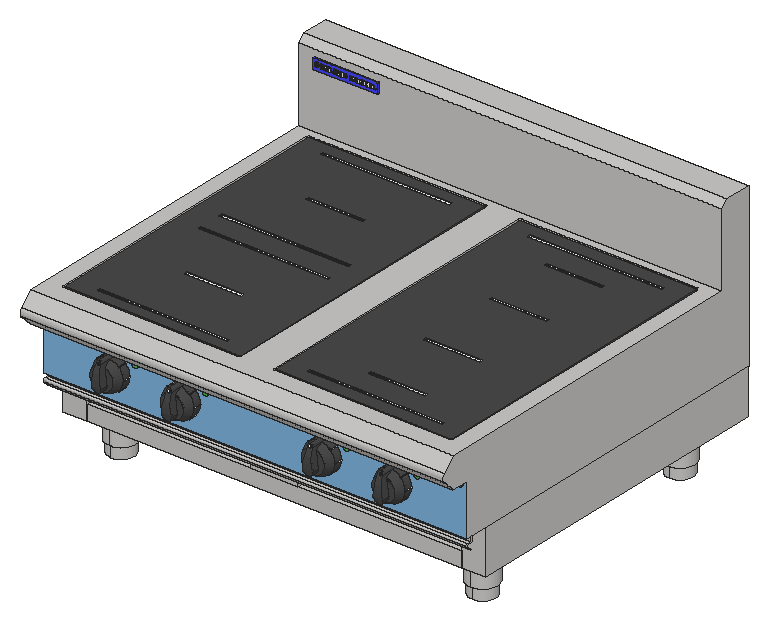
Revit family "QF_Moffat_IN514R3F-B_Induction_Cooktop_cat", category Specialty Equipment, Revit 2019 (continued)
Definition of nested family "QF_LOGO_BLue Seal"
  Automatic sketch dimensions
    Extrusion 2 sketch curve to Extrusion 2 sketch curve = 0.772 mm  (x2)
    Extrusion 2 sketch curve to Extrusion 2 sketch curve = 1.539 mm
    Extrusion 2 sketch curve to Extrusion 2 sketch curve = 0.961 mm
    Extrusion 2 sketch curve to Extrusion 2 sketch curve = 1.28 mm  (x2)
    Extrusion 2 sketch curve to Extrusion 2 sketch curve = 1.878 mm
    Extrusion 2 sketch curve to Extrusion 2 sketch curve = 2.905 mm
    Extrusion 2 sketch curve to Extrusion 2 sketch curve = 3.969 mm
    Extrusion 2 sketch curve to Extrusion 2 sketch curve = 0.84 mm  (x2)
    Extrusion 2 sketch curve to Extrusion 2 sketch curve = 2.448 mm
    Extrusion 2 sketch curve to Extrusion 2 sketch curve = 2.202 mm
    Extrusion 2 sketch curve to Extrusion 2 sketch curve = 2.222 mm
    Extrusion 2 sketch curve to Extrusion 2 sketch curve = 1.332 mm
    Extrusion 2 sketch curve to Extrusion 2 sketch curve = 1.12 mm  (x2)
    Extrusion 2 sketch curve to Extrusion 2 sketch curve = 0.929 mm
    Extrusion 2 sketch curve to Extrusion 2 sketch curve = 1.051 mm  (x2)
    Extrusion 2 sketch curve to Extrusion 2 sketch curve = 5.129 mm  (x2)
    Extrusion 2 sketch curve to Extrusion 2 sketch curve = 4.147 mm
    Extrusion 2 sketch curve to Extrusion 2 sketch curve = 0.516 mm
    plane 3 "LEFT" to Extrusion 2 sketch curve = 3.555 mm
    plane 3 "LEFT" to Extrusion 3 sketch curve = 8.107 mm
    Extrusion 3 sketch curve to Extrusion 3 sketch curve = 0.182 mm
    level to Extrusion 3 sketch curve = 7.231 mm
    Extrusion 3 sketch curve to Extrusion 3 sketch curve = 3.969 mm
    Extrusion 4 sketch curve to plane 3 "LEFT" = 8.107 mm
    Extrusion 4 sketch curve to Extrusion 4 sketch curve = 0.088 mm
    Extrusion 4 sketch curve to level = 7.227 mm
    Extrusion 4 sketch curve to Extrusion 4 sketch curve = 3.972 mm
Definition of nested family "Knob"
  Parameters (values of type "Knob")
    Weight in Pounds = 0
    URL Cutsheet = ""
    Specification by User = ""
    Specification by Manufacturer = ""
    Serial Number = ""
    Seismic Rating = ""
    SMACNA No = ""
    Revision Code = ""
    NAFEM Spec ID Number = ""
    Masterspec = ""
    Length = 65 mm
    Item Number = ""
    Installed By = ""
    Identify Quantity as Lot = yes
    Height = 69.5 mm
    Furnished By = ""
    Foodservice Equipment Identifier = yes
    Depth = 59 mm
    CSI MasterFormat = ""
  Reference planes
    plane 1 "BACK": y = 0
    plane 2: z = 0
    plane 3 "LEFT": x = 0
    plane 4 "RIGHT": x = 65
    plane 5 "FRONT": y = -59
    plane 6 "TOP": z = 69.5
    plane 7 "Center Y": x = 32.5
    plane 8 "Center X": y = -29.5
  Forms (mm)
    Revolve 1, solid
      sketch origin (32.5, 175.397, 1219.2) x (0, 1, 0) y (0, 0, 1)
        loop
          line (-175.397, -1186.7) -> (-219.397, -1186.7) -> (-219.397, -1211.501) -> (-202.106, -1219.2) -> (-185.397, -1219.2) -> (-185.397, -1191.7) -> (-175.397, -1191.7) -> (-175.397, -1186.7)
        axis (-219.397, -1186.7) -> (-175.397, -1186.7)
      angle from 0 to 360
    Extrusion 2, solid
      sketch origin (32.5, 175.397, 1219.2) x (0, 1, 0) y (0, 0, 1)
        loop
          line (-202.106, -1154.2) -> (-185.397, -1154.2) -> (-185.397, -1149.7) -> (-224.105, -1149.7)
          arc (-224.105, -1149.7) -> (-233.965, -1178.467) -> (-230.696, -1208.7) r 70
          line (-230.696, -1208.7) -> (-219.397, -1208.7) -> (-219.397, -1161.899) -> (-202.106, -1154.2)
      from -15 to 15
    Extrusion 3, void
      sketch origin (0, 0, 0) x (1, 0, 0) y (0, 0, 1)
        loop
          line (27.501, 64.613) -> (22.02, 20.585)
          arc (22.02, 20.585) -> (32.792, 10.488) -> (42.986, 21.169) r 10.487
          line (42.986, 21.169) -> (37.499, 64.613)
          arc (37.499, 64.613) -> (32.5, 69.5) -> (27.501, 64.613) r 5
        loop
          line (10, 72.977) -> (10, 5.625) -> (55, 5.625) -> (55, 72.977) -> (10, 72.977)
      from 6.142 to 69.687
    Extrusion 4, solid
      sketch origin (0, -34.115, -16.916) x (1, 0, 0) y (0, 0.45399, 0.891007)
        loop
          circle (32.497, 65) r 2
      from 51.525 to 53.075
    Extrusion 5, solid
      sketch origin (32.5, -10, 32.5) x (0, 0, -1) y (-1, 0, 0)
        loop
          line (-23.54, -22.408) -> (-24.106, -22.974)
          arc (-24.106, -22.974) -> (-23.547, -23.547) -> (-22.974, -24.106) r 33.3
          line (-22.974, -24.106) -> (-22.408, -23.54)
          arc (-22.408, -23.54) -> (-22.981, -22.981) -> (-23.54, -22.408) r 32.5
        loop
          arc (-0.8, -33.29) -> (0, -33.3) -> (0.8, -33.29) r 33.3
          line (0.8, -33.29) -> (0.8, -32.49)
          arc (0.8, -32.49) -> (0, -32.5) -> (-0.8, -32.49) r 32.5
          line (-0.8, -32.49) -> (-0.8, -33.29)
        loop
          arc (23.54, -22.408) -> (22.981, -22.981) -> (22.408, -23.54) r 32.5
          line (22.408, -23.54) -> (22.974, -24.106)
          arc (22.974, -24.106) -> (23.547, -23.547) -> (24.106, -22.974) r 33.3
          line (24.106, -22.974) -> (23.54, -22.408)
        loop
          arc (-23.54, 22.408) -> (-22.981, 22.981) -> (-22.408, 23.54) r 32.5
          line (-22.408, 23.54) -> (-22.974, 24.106)
          arc (-22.974, 24.106) -> (-23.547, 23.547) -> (-24.106, 22.974) r 33.3
          line (-24.106, 22.974) -> (-23.54, 22.408)
        loop
          line (-0.8, 33.29) -> (-0.8, 32.49)
          arc (-0.8, 32.49) -> (0, 32.5) -> (0.8, 32.49) r 32.5
          line (0.8, 32.49) -> (0.8, 33.29)
          arc (0.8, 33.29) -> (0, 33.3) -> (-0.8, 33.29) r 33.3
        loop
          line (32.49, -0.8) -> (33.29, -0.8)
          arc (33.29, -0.8) -> (33.3, 0) -> (33.29, 0.8) r 33.3
          line (33.29, 0.8) -> (32.49, 0.8)
          arc (32.49, 0.8) -> (32.5, 0) -> (32.49, -0.8) r 32.5
        loop
          arc (24.106, 22.974) -> (23.547, 23.547) -> (22.974, 24.106) r 33.3
          line (22.974, 24.106) -> (22.408, 23.54)
          arc (22.408, 23.54) -> (22.981, 22.981) -> (23.54, 22.408) r 32.5
          line (23.54, 22.408) -> (24.106, 22.974)
      from 0 to -16.709
  Cuts and joins
    Extrusion 3 cuts Extrusion 2
  Dimensions and locks
    equal spacing: plane 3 "LEFT", plane 7 "Center Y", plane 4 "RIGHT"
    "Length": plane 3 "LEFT" to plane 4 "RIGHT"
    equal spacing: plane 5 "FRONT", plane 8 "Center X", plane 1 "BACK"
    "Depth": plane 5 "FRONT" to plane 1 "BACK"
    "Height": plane 6 "TOP" to level
    plane 4 "RIGHT" to plane 3 "LEFT" = 65 mm
    aligned and locked: level to plane 2
  Automatic sketch dimensions
    Revolve 1 sketch curve to level = 0 mm
    Revolve 1 sketch curve to plane 1 "BACK" = 0 mm  (x2)
    plane 1 "BACK" to Revolve 1 sketch curve = 10 mm
    plane 8 "Center X" to Revolve 1 sketch curve = 2.791 mm
    Revolve 1 sketch curve to plane 8 "Center X" = 14.5 mm
    level to Revolve 1 sketch curve = 7.699 mm
    level to Revolve 1 sketch curve = 27.5 mm
    Revolve 1 sketch curve to Revolve 1 sketch curve = 5 mm
    Revolve 1 sketch curve to Revolve 1 sketch curve = 35 mm
    Revolve 1 sketch curve to Revolve 1 sketch curve = 0 mm
    Extrusion 2 sketch curve to plane 6 "TOP" = 0 mm
    Extrusion 2 sketch curve to plane 5 "FRONT" = 3.702 mm
    Extrusion 2 sketch curve to plane 5 "FRONT" = 10.293 mm
    Extrusion 2 sketch curve to Extrusion 2 sketch curve = 11.298 mm
    plane 8 "Center X" to Extrusion 2 sketch curve = 2.791 mm
    plane 1 "BACK" to Extrusion 2 sketch curve = 10 mm
    Extrusion 2 sketch curve to plane 1 "BACK" = 11 mm
    Extrusion 2 sketch curve to plane 6 "TOP" = 4.5 mm
    Extrusion 2 sketch curve to plane 6 "TOP" = 12.199 mm
    level to Extrusion 2 sketch curve = 32.962 mm
    level to Extrusion 3 sketch curve = 5.625 mm
    Extrusion 3 sketch curve to plane 7 "Center Y" = 0 mm  (x2)
    Extrusion 3 sketch curve to plane 7 "Center Y" = 4.999 mm
    Extrusion 3 sketch curve to plane 7 "Center Y" = 10.48 mm
    plane 6 "TOP" to Extrusion 3 sketch curve = 3.477 mm
    plane 3 "LEFT" to Extrusion 3 sketch curve = 10 mm
    Extrusion 3 sketch curve to plane 6 "TOP" = 4.887 mm
    Extrusion 3 sketch curve to Extrusion 3 sketch curve = 4.999 mm
    plane 7 "Center Y" to Extrusion 3 sketch curve = 10.486 mm
    level to Extrusion 3 sketch curve = 20.585 mm
    Extrusion 3 sketch curve to Extrusion 3 sketch curve = 0.387 mm
    Extrusion 3 sketch curve to Extrusion 3 sketch curve = 0.113 mm
    plane 4 "RIGHT" to Extrusion 3 sketch curve = 10 mm
    Extrusion 5 sketch curve to Revolve 1 = 32.49 mm
    Revolve 1 to Extrusion 5 sketch curve = 32.49 mm
    Extrusion 5 sketch curve to Revolve 1 = 23.54 mm  (x2)
    Revolve 1 to Extrusion 5 sketch curve = 23.54 mm  (x2)
    Extrusion 5 sketch curve to Revolve 1 = 24.106 mm  (x2)
    Revolve 1 to Extrusion 5 sketch curve = 24.106 mm  (x2)
    Revolve 1 to Extrusion 5 sketch curve = 22.408 mm  (x2)
    Extrusion 5 sketch curve to Revolve 1 = 22.408 mm  (x2)
    Revolve 1 to Extrusion 5 sketch curve = 22.974 mm  (x2)
    Extrusion 5 sketch curve to Revolve 1 = 22.974 mm  (x2)
    Extrusion 5 sketch curve to Extrusion 5 sketch curve = 1.6 mm  (x2)
    Revolve 1 to Extrusion 5 sketch curve = 0.8 mm
    Extrusion 5 sketch curve to Revolve 1 = 0.8 mm
    Extrusion 4 sketch curve to plane 7 "Center Y" = 0.003 mm
    radius of Extrusion 5 sketch curve to Revolve 1 = 0 mm  (x7)
    radius of Revolve 1 to Extrusion 5 sketch curve = 0.8 mm  (x7)
    radius of Extrusion 4 sketch curve = 2 mm
